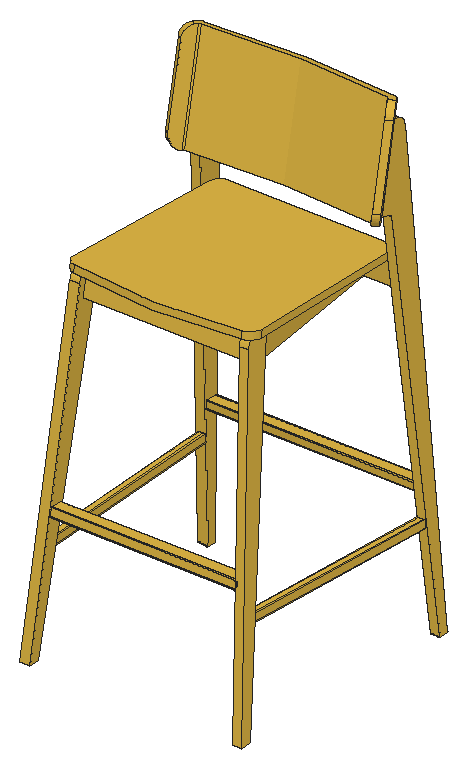
Revit family "FU_Stool_Sandler_Offset 4-1", category Furniture, Revit 2020
Family settings
  OmniClass Number = 23.40.20.00
  OmniClass Title = General Furniture and Specialties
  Work Plane-Based = No
  Always vertical = Yes
  Cut with Voids When Loaded = No
  Shared = No
  Room Calculation Point = No
Parameters (values of type "Offset 4.1")
  Width = 515 mm
  URL = "https://www.sandlerseating.com/product/offset-4-1/"
  Model = "Offset 4.1"
  Manufacturer = "Sandler"
  Height = 1045 mm
  Frame [instance] = Wood - Beech - 1032 Yellow
  Description = "Counter stool with beech frame and wood seat and back. Produced to custom height per customer specification, from 23.5”-29” seat height"
  Depth = 520 mm
  Default Elevation = 0 mm
Reference planes
  plane 1 "Center (Front/Back)": y = 0
  plane 2: z = 0
  plane 3 "Center (Left/Right)": x = 0
  plane 4 "Right": x = -257.5
  plane 5 "Left": x = 257.5
  plane 6 "Back": y = 260
  plane 7 "Front": y = -260
  plane 8 "Height": z = 1045
  plane 9 "Seat height": z = 780
  plane 10 "BLL FRONT": through (247.5, -1524, 0.937) normal (-0.9986, 0, -0.0521)
  plane 11 "FLL FRONT": through (225.856, -1524, 0.915) normal (-0.998, 0, -0.0637)
  plane 12 "Seat Frame L TOP": through (178.677, -135.231, 1200) normal (-0.9878, -0.1554, 0)
  plane 13 "Stretch L TOP": through (211.103, -205.441, 1200) normal (-0.9986, 0.0534, 0)
  plane 14 "Stretch L RIGHT": z = 218.822
  plane 15 "Seat Base RIGHT": through (4267.2, -138.71, 729.062) normal (0, 0.0228, 0.9997)
  plane 16 "back angle right": through (4267.2, 161.186, 815.142) normal (0, -0.98, 0.199)
  plane 17 "back angle": through (-223.392, 154.748, 1200) normal (-0.7996, 0.6006, 0)
Forms (mm)
  Extrusion 1, solid, material "Wood - Beech - 1032 Yellow" <- "Frame"
    sketch origin (246.878, 0, 12.868) x (0.05205, 0, -0.998644) y (0, -1, 0)
      loop
        line (11.725, -239.873) -> (-808.902, -166.155)
        arc (-808.902, -166.155) -> (-811.141, -165.222) -> (-812.441, -163.174) r 4.035
        line (-812.441, -163.174) -> (-818.299, -141.169)
        arc (-818.299, -141.169) -> (-819.044, -140.162) -> (-820.277, -139.937) r 1.703
        line (-820.277, -139.937) -> (-980.841, -171.781)
        arc (-980.841, -171.781) -> (-981.997, -172.474) -> (-982.452, -173.743) r 2
        line (-982.452, -173.743) -> (-982.452, -188.595)
        arc (-982.452, -188.595) -> (-977.497, -202.935) -> (-963.817, -209.496) r 19.69
        line (-963.817, -209.496) -> (11.514, -259.923)
        arc (11.514, -259.923) -> (12.561, -259.536) -> (13.002, -258.51) r 1.415
        line (13.002, -258.51) -> (13.002, -241.271)
        arc (13.002, -241.271) -> (12.635, -240.324) -> (11.725, -239.873) r 1.403
    from -10 to 10
  Extrusion 2, solid, material "Wood - Beech - 1032 Yellow" <- "Frame"
    sketch origin (224.998, 0, 14.354) x (0.063666, 0, -0.997971) y (0, -1, 0)
      loop
        line (14.358, 237.808) -> (14.358, 260.148) -> (-698.693, 184.555)
        arc (-698.693, 184.555) -> (-710.67, 179.402) -> (-716.708, 167.846) r 19.468
        line (-716.708, 167.846) -> (-716.708, 140.693)
        arc (-716.708, 140.693) -> (-715.666, 138.402) -> (-713.255, 137.682) r 3.039
        line (-713.255, 137.682) -> (14.358, 237.808)
    from -10 to 10
  Extrusion 3, solid, material "Wood - Beech - 1032 Yellow" <- "Frame"
    sketch origin (-224.998, 0, 14.354) x (-0.063666, 0, -0.997971) y (0, 1, 0)
      loop
        line (14.358, -237.808) -> (-713.255, -137.682)
        arc (-713.255, -137.682) -> (-715.666, -138.402) -> (-716.708, -140.693) r 3.039
        line (-716.708, -140.693) -> (-716.708, -167.846)
        arc (-716.708, -167.846) -> (-710.67, -179.402) -> (-698.693, -184.555) r 19.468
        line (-698.693, -184.555) -> (14.358, -260.148) -> (14.358, -237.808)
    from -10 to 10
  Extrusion 4, solid, material "Wood - Beech - 1032 Yellow" <- "Frame"
    sketch origin (153.6, 24.165, 0) x (0.155413, -0.98785, 0) y (0, 0, 1)
      loop
        line (166.451, 729.062) -> (-160.479, 721.702) -> (-166.426, 671.847) -> (173.338, 679.496) -> (166.451, 729.062)
    from -10 to 10
  Extrusion 5, solid, material "Wood - Beech - 1032 Yellow" <- "Frame"
    sketch origin (0, 0, 0) x (0, 1, 0) y (0, 0, 1)
      loop
        line (-29.154, 676.844) -> (-29.154, 726.565) -> (-47.69, 726.987) -> (-47.69, 677.267) -> (-29.154, 676.844)
    from -160 to 160
  Extrusion 6, solid, material "Wood - Beech - 1032 Yellow" <- "Frame"
    sketch origin (0, 0, 0) x (0, 1, 0) y (0, 0, 1)
      loop
        line (199.068, 721.298) -> (180.816, 721.782) -> (186.778, 671.825) -> (205.023, 671.409) -> (199.068, 721.298)
    from -210 to 210
  Extrusion 7, solid, material "Wood - Beech - 1032 Yellow" <- "Frame"
    sketch origin (-153.6, 24.165, 0) x (-0.155413, -0.98785, 0) y (0, 0, -1)
      loop
        line (166.451, -729.062) -> (173.338, -679.496) -> (-166.426, -671.847) -> (-160.479, -721.702) -> (166.451, -729.062)
    from -10 to 10
  Extrusion 8, solid, material "Wood - Beech - 1032 Yellow" <- "Frame"
    sketch origin (0, 0, 0) x (0, 1, 0) y (0, 0, 1)
      loop
        line (-174.355, 680.199) -> (-154.427, 679.672) -> (-147.66, 728.972) -> (-167.66, 728.972) -> (-174.355, 680.199)
    from -180 to 180
  Extrusion 9, solid, material "Wood - Beech - 1032 Yellow" <- "Frame"
    sketch origin (0, 0, 0) x (0, 1, 0) y (0, 0, 1)
      loop
        arc (-229.508, 276.998) -> (-229.132, 275.837) -> (-228.017, 275.34) r 1.5
        line (-228.017, 275.34) -> (-205.586, 275.34)
        arc (-205.586, 275.34) -> (-204.576, 275.718) -> (-204.063, 276.667) r 1.537
        line (-204.063, 276.667) -> (-201.747, 293.461)
        arc (-201.747, 293.461) -> (-202.102, 294.652) -> (-203.233, 295.166) r 1.5
        line (-203.233, 295.166) -> (-226.231, 295.166)
        arc (-226.231, 295.166) -> (-227.234, 294.782) -> (-227.722, 293.825) r 1.5
        line (-227.722, 293.825) -> (-229.508, 276.998)
    from -200 to 200
  Extrusion 10, solid, material "Wood - Beech - 1032 Yellow" <- "Frame"
    sketch origin (0, 14.807, 0) x (0, -1, 0) y (0, 0, -1)
      loop
        line (-229.821, -276.998) -> (-228.035, -293.825)
        arc (-228.035, -293.825) -> (-227.546, -294.782) -> (-226.543, -295.166) r 1.5
        line (-226.543, -295.166) -> (-203.233, -295.166)
        arc (-203.233, -295.166) -> (-202.102, -294.652) -> (-201.747, -293.461) r 1.5
        line (-201.747, -293.461) -> (-204.063, -276.667)
        arc (-204.063, -276.667) -> (-204.576, -275.718) -> (-205.586, -275.34) r 1.537
        line (-205.586, -275.34) -> (-228.329, -275.34)
        arc (-228.329, -275.34) -> (-229.444, -275.837) -> (-229.821, -276.998) r 1.5
    from -227 to 227
  Sweep 11, solid, material "Wood - Beech - 1032 Yellow" <- "Frame"
    path origin (0, 0, 218.822) x (0, -1, 0) y (1, 0, 0)
      loop
        line (212.576, 210.722) -> (-221.805, 233.934)
    profile origin (222.328, 4.615, 218.822) x (-0.998575, 0.05336, 0) y (0, 0, 1)
      loop
        line (-5.5, -10) -> (5.5, -10)
        arc (5.5, -10) -> (6.914, -9.414) -> (7.5, -8) r 2
        line (7.5, -8) -> (7.5, 8.035)
        arc (7.5, 8.035) -> (6.924, 9.424) -> (5.535, 10) r 1.965
        line (5.535, 10) -> (-5.5, 10)
        arc (-5.5, 10) -> (-6.914, 9.414) -> (-7.5, 8) r 2
        line (-7.5, 8) -> (-7.5, -8)
        arc (-7.5, -8) -> (-6.914, -9.414) -> (-5.5, -10) r 2
  Sweep 12, solid, material "Wood - Beech - 1032 Yellow" <- "Frame"
    path origin (0, 0, 218.822) x (0, -1, 0) y (-1, 0, 0)
      loop
        line (212.576, 210.722) -> (-221.805, 233.934)
    profile origin (-222.328, 4.615, 218.822) x (-0.998575, -0.05336, 0) y (0, 0, 1)
      loop
        arc (5.5, -10) -> (6.914, -9.414) -> (7.5, -8) r 2
        line (7.5, -8) -> (7.5, 8)
        arc (7.5, 8) -> (6.914, 9.414) -> (5.5, 10) r 2
        line (5.5, 10) -> (-5.535, 10)
        arc (-5.535, 10) -> (-6.924, 9.424) -> (-7.5, 8.035) r 1.965
        line (-7.5, 8.035) -> (-7.5, -8)
        arc (-7.5, -8) -> (-6.914, -9.414) -> (-5.5, -10) r 2
        line (-5.5, -10) -> (5.5, -10)
  Extrusion 13, solid, material "Wood - Beech - 1032 Yellow" <- "Frame"
    sketch origin (0, 16.534, 725.524) x (0, -0.99974, 0.022783) y (1, 0, 0)
      loop
        line (-193.406, 165.937) -> (-193.406, -165.937)
        arc (-193.406, -165.937) -> (-186.019, -184.091) -> (-168.055, -191.929) r 26
        line (-168.055, -191.929) -> (179.341, -200.596)
        arc (179.341, -200.596) -> (196.233, -193.986) -> (205.131, -178.179) r 27
        arc (205.131, -178.179) -> (220.321, 0) -> (205.131, 178.179) r 1052.611
        arc (205.131, 178.179) -> (196.233, 193.986) -> (179.341, 200.596) r 27
        line (179.341, 200.596) -> (-168.055, 191.929)
        arc (-168.055, 191.929) -> (-186.019, 184.091) -> (-193.406, 165.937) r 26
    from 0 to 15
  Extrusion 14, solid, material "Wood - Beech - 1032 Yellow" <- "Frame"
    sketch origin (-246.878, 0, 12.868) x (-0.05205, 0, -0.998644) y (0, 1, 0)
      loop
        arc (11.725, 239.873) -> (12.635, 240.324) -> (13.002, 241.271) r 1.403
        line (13.002, 241.271) -> (13.002, 258.51)
        arc (13.002, 258.51) -> (12.561, 259.536) -> (11.514, 259.923) r 1.415
        line (11.514, 259.923) -> (-963.817, 209.496)
        arc (-963.817, 209.496) -> (-977.497, 202.935) -> (-982.452, 188.595) r 19.69
        line (-982.452, 188.595) -> (-982.452, 173.743)
        arc (-982.452, 173.743) -> (-981.997, 172.474) -> (-980.841, 171.781) r 2
        line (-980.841, 171.781) -> (-820.277, 139.937)
        arc (-820.277, 139.937) -> (-819.044, 140.162) -> (-818.299, 141.169) r 1.703
        line (-818.299, 141.169) -> (-812.441, 163.174)
        arc (-812.441, 163.174) -> (-811.141, 165.222) -> (-808.902, 166.155) r 4.035
        line (-808.902, 166.155) -> (11.725, 239.873)
    from -10 to 10
Dimensions and locks
  equal spacing: plane 4 "Right", plane 3 "Center (Left/Right)", plane 5 "Left"
  "Width": plane 4 "Right" to plane 5 "Left"
  equal spacing: plane 6 "Back", plane 1 "Center (Front/Back)", plane 7 "Front"
  "Depth": plane 6 "Back" to plane 7 "Front"
  "Height": plane 8 "Height" to level
  plane 9 "Seat height" to level = 780 mm
  aligned and locked: level to plane 2
Automatic sketch dimensions
  Extrusion 1 sketch curve to plane 6 "Back" = 86.257 mm
  Extrusion 1 sketch curve to plane 6 "Back" = 88.219 mm
  Extrusion 1 sketch curve to Extrusion 1 sketch curve = 1.611 mm
  Extrusion 1 sketch curve to plane 6 "Back" = 50.504 mm
  Extrusion 1 sketch curve to Extrusion 1 sketch curve = 18.635 mm
  Extrusion 1 sketch curve to Extrusion 1 sketch curve = 19.651 mm
  Extrusion 1 sketch curve to plane 6 "Back" = 120.063 mm
  Extrusion 1 sketch curve to Extrusion 1 sketch curve = 142.524 mm
  Extrusion 1 sketch curve to Extrusion 1 sketch curve = 0.331 mm
  Extrusion 1 sketch curve to plane 6 "Back" = 118.831 mm
  Extrusion 1 sketch curve to Extrusion 1 sketch curve = 1.646 mm
  Extrusion 1 sketch curve to plane 6 "Back" = 96.826 mm
  Extrusion 1 sketch curve to Extrusion 1 sketch curve = 5.859 mm
  Extrusion 1 sketch curve to plane 6 "Back" = 93.845 mm
  Extrusion 1 sketch curve to Extrusion 1 sketch curve = 3.538 mm
  Extrusion 1 sketch curve to Extrusion 1 sketch curve = 3.899 mm
  Extrusion 1 sketch curve to plane 6 "Back" = 0.077 mm
  Extrusion 1 sketch curve to Extrusion 1 sketch curve = 820.416 mm
  Extrusion 1 sketch curve to Extrusion 1 sketch curve = 0.073 mm
  Extrusion 1 sketch curve to Extrusion 1 sketch curve = 0.012 mm
  Extrusion 1 sketch curve to plane 6 "Back" = 20.127 mm
  Extrusion 1 sketch curve to Extrusion 1 sketch curve = 0.126 mm
  Extrusion 1 sketch curve to Extrusion 1 sketch curve = 1.403 mm
  Extrusion 1 sketch curve to Extrusion 1 sketch curve = 19.664 mm
  plane 7 "Front" to Extrusion 2 sketch curve = 92.154 mm
  Extrusion 2 sketch curve to Extrusion 2 sketch curve = 3.039 mm
  plane 7 "Front" to Extrusion 2 sketch curve = 122.318 mm
  Extrusion 2 sketch curve to Extrusion 2 sketch curve = 0.414 mm
  plane 7 "Front" to Extrusion 2 sketch curve = 75.445 mm
  Extrusion 2 sketch curve to Extrusion 2 sketch curve = 18.016 mm
  Extrusion 2 sketch curve to Extrusion 2 sketch curve = 1.262 mm
  plane 7 "Front" to Extrusion 2 sketch curve = 22.192 mm
  Extrusion 2 sketch curve to Extrusion 2 sketch curve = 713.051 mm
  Extrusion 2 sketch curve to plane 7 "Front" = 0.148 mm
  plane 7 "Front" to Extrusion 3 sketch curve = 92.154 mm
  Extrusion 3 sketch curve to Extrusion 3 sketch curve = 3.039 mm
  plane 7 "Front" to Extrusion 3 sketch curve = 122.318 mm
  Extrusion 3 sketch curve to Extrusion 3 sketch curve = 0.414 mm
  plane 7 "Front" to Extrusion 3 sketch curve = 75.445 mm
  Extrusion 3 sketch curve to Extrusion 3 sketch curve = 18.016 mm
  Extrusion 3 sketch curve to Extrusion 3 sketch curve = 19.278 mm
  plane 7 "Front" to Extrusion 3 sketch curve = 22.192 mm
  Extrusion 3 sketch curve to Extrusion 3 sketch curve = 713.051 mm
  Extrusion 3 sketch curve to plane 7 "Front" = 0.148 mm
  Extrusion 4 sketch curve to plane 9 "Seat height" = 108.153 mm
  Extrusion 4 sketch curve to plane 9 "Seat height" = 58.298 mm
  Extrusion 4 sketch curve to Extrusion 4 sketch curve = 5.947 mm
  Extrusion 4 sketch curve to plane 9 "Seat height" = 50.938 mm
  Extrusion 4 sketch curve to Extrusion 4 sketch curve = 326.93 mm
  Extrusion 4 sketch curve to plane 9 "Seat height" = 100.504 mm
  Extrusion 4 sketch curve to Extrusion 4 sketch curve = 6.887 mm
  Extrusion 5 sketch curve to plane 15 "Seat Base RIGHT" = 0 mm  (x2)
  plane 1 "Center (Front/Back)" to Extrusion 5 sketch curve = 47.69 mm
  Extrusion 5 sketch curve to Extrusion 5 sketch curve = 18.536 mm
  Extrusion 5 sketch curve to Extrusion 5 sketch curve = 49.721 mm
  Extrusion 5 sketch curve to Extrusion 5 sketch curve = 0.422 mm
  Extrusion 6 sketch curve to plane 6 "Back" = 79.184 mm
  Extrusion 6 sketch curve to Extrusion 6 sketch curve = 5.962 mm
  Extrusion 6 sketch curve to Extrusion 6 sketch curve = 18.252 mm
  Extrusion 6 sketch curve to Extrusion 6 sketch curve = 18.244 mm
  Extrusion 6 sketch curve to plane 9 "Seat height" = 108.591 mm
  Extrusion 6 sketch curve to Extrusion 6 sketch curve = 0.416 mm
  Extrusion 6 sketch curve to Extrusion 6 sketch curve = 49.889 mm
  Extrusion 6 sketch curve to Extrusion 6 sketch curve = 0.484 mm
  Extrusion 7 sketch curve to plane 9 "Seat height" = 108.153 mm
  Extrusion 7 sketch curve to plane 9 "Seat height" = 58.298 mm
  Extrusion 7 sketch curve to Extrusion 7 sketch curve = 5.947 mm
  Extrusion 7 sketch curve to plane 9 "Seat height" = 50.938 mm
  Extrusion 7 sketch curve to Extrusion 7 sketch curve = 326.93 mm
  Extrusion 7 sketch curve to plane 9 "Seat height" = 100.504 mm
  Extrusion 7 sketch curve to Extrusion 7 sketch curve = 6.887 mm
  plane 7 "Front" to Extrusion 8 sketch curve = 85.645 mm
  Extrusion 8 sketch curve to Extrusion 8 sketch curve = 6.694 mm
  Extrusion 8 sketch curve to Extrusion 8 sketch curve = 19.928 mm
  Extrusion 8 sketch curve to plane 9 "Seat height" = 51.028 mm
  Extrusion 8 sketch curve to Extrusion 8 sketch curve = 20 mm
  Extrusion 8 sketch curve to Extrusion 8 sketch curve = 48.773 mm
  Extrusion 8 sketch curve to Extrusion 8 sketch curve = 0.526 mm
  plane 7 "Front" to Extrusion 9 sketch curve = 30.492 mm
  Extrusion 9 sketch curve to Extrusion 9 sketch curve = 1.492 mm  (x2)
  Extrusion 9 sketch curve to Extrusion 9 sketch curve = 1.786 mm
  Extrusion 9 sketch curve to Extrusion 9 sketch curve = 22.431 mm
  Extrusion 9 sketch curve to Extrusion 9 sketch curve = 1.522 mm
  Extrusion 9 sketch curve to Extrusion 9 sketch curve = 2.353 mm
  Extrusion 9 sketch curve to Extrusion 9 sketch curve = 1.486 mm
  plane 14 "Stretch L RIGHT" to Extrusion 9 sketch curve = 56.517 mm
  Extrusion 9 sketch curve to Extrusion 9 sketch curve = 1.327 mm
  Extrusion 9 sketch curve to Extrusion 9 sketch curve = 1.5 mm
  Extrusion 9 sketch curve to Extrusion 9 sketch curve = 16.795 mm
  Extrusion 9 sketch curve to Extrusion 9 sketch curve = 16.827 mm
  Extrusion 9 sketch curve to Extrusion 9 sketch curve = 0.205 mm
  plane 6 "Back" to Extrusion 10 sketch curve = 15.372 mm
  Extrusion 10 sketch curve to Extrusion 10 sketch curve = 1.492 mm  (x2)
  Extrusion 10 sketch curve to Extrusion 10 sketch curve = 1.786 mm
  Extrusion 10 sketch curve to Extrusion 10 sketch curve = 22.743 mm
  Extrusion 10 sketch curve to Extrusion 10 sketch curve = 1.522 mm
  Extrusion 10 sketch curve to Extrusion 10 sketch curve = 2.353 mm
  Extrusion 10 sketch curve to Extrusion 10 sketch curve = 1.486 mm
  Extrusion 10 sketch curve to plane 14 "Stretch L RIGHT" = 56.517 mm
  Extrusion 10 sketch curve to Extrusion 10 sketch curve = 1.327 mm
  Extrusion 10 sketch curve to Extrusion 10 sketch curve = 1.5 mm
  Extrusion 10 sketch curve to Extrusion 10 sketch curve = 16.795 mm
  Extrusion 10 sketch curve to Extrusion 10 sketch curve = 16.827 mm
  Extrusion 10 sketch curve to Extrusion 10 sketch curve = 0.205 mm
  plane 13 "Stretch L TOP" to Sweep 11 sketch curve = 0 mm
  Sweep 11 sketch curve to plane 13 "Stretch L TOP" = 0 mm
  plane 5 "Left" to Sweep 11 sketch curve = 23.566 mm
  plane 5 "Left" to Sweep 11 sketch curve = 46.778 mm
  profile plane to Sweep 11 sketch curve = 7.5 mm
  Sweep 11 sketch curve to Sweep 11 sketch curve = 2 mm  (x3)
  Sweep 11 sketch curve to profile plane = 5.5 mm
  Sweep 11 sketch curve to profile plane = 5.535 mm
  Sweep 11 sketch curve to plane 14 "Stretch L RIGHT" = 10 mm
  plane 14 "Stretch L RIGHT" to Sweep 11 sketch curve = 8 mm
  plane 6 "Back" to Sweep 12 sketch curve = 38.195 mm
  plane 4 "Right" to Sweep 12 sketch curve = 46.778 mm
  Sweep 12 sketch curve to plane 7 "Front" = 47.424 mm
  plane 4 "Right" to Sweep 12 sketch curve = 23.566 mm
  profile plane to Sweep 12 sketch curve = 7.5 mm
  Sweep 12 sketch curve to Sweep 12 sketch curve = 1.965 mm
  Sweep 12 sketch curve to Sweep 12 sketch curve = 2 mm  (x2)
  Sweep 12 sketch curve to profile plane = 5.5 mm  (x2)
  Sweep 12 sketch curve to plane 14 "Stretch L RIGHT" = 10 mm
  plane 14 "Stretch L RIGHT" to Sweep 12 sketch curve = 8 mm
  Extrusion 13 sketch curve to plane 3 "Center (Left/Right)" = 0 mm
  Extrusion 13 sketch curve to plane 4 "Right" = 91.563 mm
  Extrusion 13 sketch curve to Extrusion 13 sketch curve = 638.884 mm
  Extrusion 13 sketch curve to plane 4 "Right" = 65.571 mm
  Extrusion 13 sketch curve to Extrusion 13 sketch curve = 25.352 mm  (x2)
  plane 5 "Left" to Extrusion 13 sketch curve = 65.571 mm
  Extrusion 13 sketch curve to Extrusion 13 sketch curve = 26 mm
  Extrusion 13 sketch curve to plane 4 "Right" = 83.892 mm
  Extrusion 13 sketch curve to Extrusion 13 sketch curve = 345.927 mm  (x2)
  plane 5 "Left" to Extrusion 13 sketch curve = 83.892 mm
  plane 5 "Left" to Extrusion 13 sketch curve = 56.904 mm
  Extrusion 13 sketch curve to Extrusion 13 sketch curve = 0.821 mm  (x2)
  Extrusion 13 sketch curve to plane 4 "Right" = 56.904 mm
  Extrusion 13 sketch curve to Extrusion 13 sketch curve = 0 mm
  Extrusion 14 sketch curve to plane 6 "Back" = 86.257 mm
  Extrusion 14 sketch curve to plane 6 "Back" = 88.219 mm
  Extrusion 14 sketch curve to Extrusion 14 sketch curve = 1.611 mm
  Extrusion 14 sketch curve to plane 6 "Back" = 50.504 mm
  Extrusion 14 sketch curve to Extrusion 14 sketch curve = 18.635 mm
  Extrusion 14 sketch curve to Extrusion 14 sketch curve = 1.017 mm
  Extrusion 14 sketch curve to plane 6 "Back" = 120.063 mm
  Extrusion 14 sketch curve to Extrusion 14 sketch curve = 142.524 mm
  Extrusion 14 sketch curve to Extrusion 14 sketch curve = 0.331 mm
  Extrusion 14 sketch curve to plane 6 "Back" = 118.831 mm
  Extrusion 14 sketch curve to Extrusion 14 sketch curve = 1.646 mm
  Extrusion 14 sketch curve to plane 6 "Back" = 96.826 mm
  Extrusion 14 sketch curve to Extrusion 14 sketch curve = 5.859 mm
  Extrusion 14 sketch curve to plane 6 "Back" = 93.845 mm
  Extrusion 14 sketch curve to Extrusion 14 sketch curve = 3.538 mm
  Extrusion 14 sketch curve to Extrusion 14 sketch curve = 3.899 mm
  Extrusion 14 sketch curve to plane 6 "Back" = 0.077 mm
  Extrusion 14 sketch curve to Extrusion 14 sketch curve = 820.416 mm
  Extrusion 14 sketch curve to Extrusion 14 sketch curve = 0.073 mm
  Extrusion 14 sketch curve to Extrusion 14 sketch curve = 0.012 mm
  Extrusion 14 sketch curve to plane 6 "Back" = 20.127 mm
  Extrusion 14 sketch curve to Extrusion 14 sketch curve = 0.126 mm
  Extrusion 14 sketch curve to Extrusion 14 sketch curve = 1.403 mm
  Extrusion 14 sketch curve to Extrusion 14 sketch curve = 14.852 mm
Nested families
  nested 1: "Offset_Back" at (0, 182.882, 148.998), Frame <- "Frame", type "Offset_Back"
    with Seat Fabric - Gravity - Frozen CPC27, Frame Wood - Beech - 1032 Yellow
Definition of nested family "Offset_Back"
  Parameters (values of type "Offset_Back")
    Width = 459 mm
    Seat [instance] = none
    Height = 895 mm
    Frame [instance] = none
    Depth = 57 mm
    Default Elevation = 0 mm
  Reference planes
    plane 1 "Center (Front/Back)": y = 0
    plane 2: z = 0
    plane 3 "Center (Left/Right)": x = 0
    plane 4 "Right": x = -229.5
    plane 5 "Left": x = 229.5
    plane 6 "Back": y = 28.5
    plane 7 "Front": y = -28.5
    plane 8 "Height": z = 895
    plane 9 "Backheight": z = 670
    plane 10 "Edge angle": through (-223.392, -52.344, 1200) normal (-0.7937, 0.6083, 0)
  Forms (mm)
    Sweep 1, solid, material <- "Frame"
      path origin (0, -155.879, 6.965) x (1, 0, 0) y (0, 0.199368, 0.979925)
        loop
          line (0, 670) -> (0, 895)
      profile "Pro_Offset Back : Pro_Offset Back" origin (0, 0.127, 773.756) x (-1, 0, 0) y (0, -0.979925, 0.199368)
        loop
          line (-222.085, 63.714) -> (-234.008, 54.576) -> (-214.134, 25.534)
          arc (-214.134, 25.534) -> (-209.052, 20.583) -> (-202.452, 17.981) r 18
          arc (-202.452, 17.981) -> (0, 0) -> (202.452, 17.981) r 1148.71
          arc (202.452, 17.981) -> (209.052, 20.583) -> (214.134, 25.534) r 18
          line (214.134, 25.534) -> (234.008, 54.576) -> (222.085, 63.714) -> (202.291, 34.788)
          arc (202.291, 34.788) -> (200.543, 33.101) -> (198.272, 32.241) r 6.027
          arc (198.272, 32.241) -> (0, 15) -> (-198.272, 32.241) r 1148.71
          arc (-198.272, 32.241) -> (-200.543, 33.101) -> (-202.291, 34.788) r 6.027
          line (-202.291, 34.788) -> (-222.085, 63.714)
    Extrusion 2, void
      sketch origin (-110.813, -63.236, -11.883) x (-0.60832, -0.777758, 0.158237) y (0, 0.199368, 0.979925)
        loop
          line (145.378, 915) -> (145.378, 896.25) -> (155.378, 896.25)
          arc (155.378, 896.25) -> (176.591, 887.463) -> (185.378, 866.25) r 30
          line (185.378, 866.25) -> (185.378, 698.75)
          arc (185.378, 698.75) -> (176.591, 677.537) -> (155.378, 668.75) r 30
          line (155.378, 668.75) -> (145.378, 668.75) -> (145.378, 640) -> (200.786, 640) -> (200.786, 915) -> (145.378, 915)
      from -35.977 to 29.019
    Extrusion 3, void
      sketch origin (110.813, -63.236, -11.883) x (0.60832, -0.777758, 0.158237) y (0, -0.199368, -0.979925)
        loop
          line (145.378, -915) -> (200.786, -915) -> (200.786, -640) -> (145.378, -640) -> (145.378, -668.75) -> (155.378, -668.75)
          arc (155.378, -668.75) -> (176.591, -677.537) -> (185.378, -698.75) r 30
          line (185.378, -698.75) -> (185.378, -866.25)
          arc (185.378, -866.25) -> (176.591, -887.463) -> (155.378, -896.25) r 30
          line (155.378, -896.25) -> (145.378, -896.25) -> (145.378, -915)
      from -35.977 to 20
  Cuts and joins
    Extrusion 2, Extrusion 3 cuts Sweep 1
  Dimensions and locks
    equal spacing: plane 4 "Right", plane 3 "Center (Left/Right)", plane 5 "Left"
    "Width": plane 4 "Right" to plane 5 "Left"
    equal spacing: plane 6 "Back", plane 1 "Center (Front/Back)", plane 7 "Front"
    "Depth": plane 6 "Back" to plane 7 "Front"
    "Height": plane 8 "Height" to level
    plane 8 "Height" to plane 9 "Backheight" = 225 mm
    aligned and locked: level to plane 2
  Automatic sketch dimensions
    Sweep 1 sketch curve to plane 3 "Center (Left/Right)" = 0 mm
    Sweep 1 sketch curve to Sweep 1 sketch curve = 225 mm
    Extrusion 2 sketch curve to Extrusion 2 sketch curve = 0 mm
    Extrusion 2 sketch curve to Extrusion 2 sketch curve = 10 mm  (x2)
    Extrusion 2 sketch curve to Extrusion 2 sketch curve = 30 mm
    Extrusion 2 sketch curve to Extrusion 2 sketch curve = 45.408 mm
    Extrusion 2 sketch curve to Extrusion 2 sketch curve = 28.75 mm
    Extrusion 2 sketch curve to Extrusion 2 sketch curve = 167.5 mm
    Extrusion 2 sketch curve to Extrusion 2 sketch curve = 18.75 mm
    Extrusion 3 sketch curve to Extrusion 3 sketch curve = 0 mm
    Extrusion 3 sketch curve to Extrusion 3 sketch curve = 10 mm  (x2)
    Extrusion 3 sketch curve to Extrusion 3 sketch curve = 30 mm
    Extrusion 3 sketch curve to Extrusion 3 sketch curve = 45.408 mm
    Extrusion 3 sketch curve to Extrusion 3 sketch curve = 18.75 mm
    Extrusion 3 sketch curve to Extrusion 3 sketch curve = 167.5 mm
    Extrusion 3 sketch curve to Extrusion 3 sketch curve = 28.75 mm
